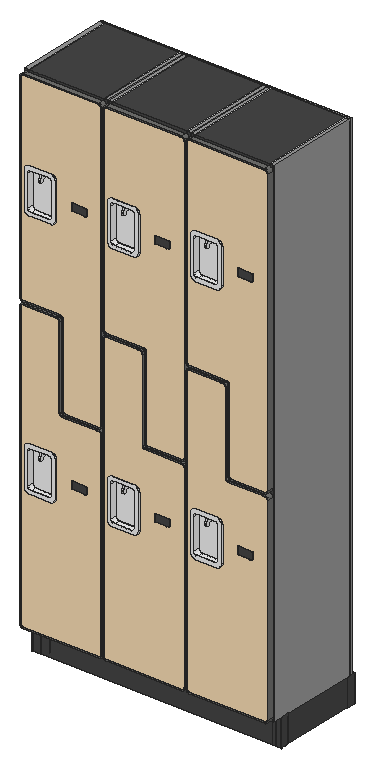
Revit family "Wood_Lockers-Salsbury_Industries-37000_Series-3_Wide_Units", category Specialty Equipment, Revit 2026 (continued)
Definition of nested family "Wood Locker S-Style Bottom Doors"
  Lines and regions (in)
    symbolic lines
      curve 3: line (0, -0.375, 0) -> (0, 0.375, 0)
      curve 4: line (0, -0.375, 42.062) -> (0, -0.375, 0)
      curve 5: line (0, 0.625, 41.287) -> (0, 0.375, 41.287)
      curve 6: line (0, 0.625, 41.787) -> (0, 0.375, 41.787)
      curve 7: line (0, 0.625, 41.787) -> (0, 0.625, 41.287)
      curve 8: line (0, -0.375, 24.281) -> (0, -0.5, 24.281)
      curve 9: line (0, -0.5, 24.281) -> (0, -0.5, 17.781)
      curve 10: line (0, -0.5, 17.781) -> (0, -0.375, 17.781)
      curve 11: line (0, 0.625, 3.25) -> (0, 0.375, 3.25)
      curve 12: line (0, 0.625, 2.75) -> (0, 0.375, 2.75)
      curve 13: line (0, 0.625, 2.75) -> (0, 0.625, 3.25)
      curve 14: line (0, 0.625, 26.75) -> (0, 0.375, 26.75)
      curve 15: line (0, 0.625, 26.25) -> (0, 0.375, 26.25)
      curve 16: line (0, 0.625, 26.25) -> (0, 0.625, 26.75)
      curve 17: arc (-5.9375, 0.375, 41.537) -> (-5.7837311, 0.375, 41.9082311) -> (-5.4125, 0.375, 42.062) r 0.525
      curve 18: arc (-0.1255, 0.375, 41.537) -> (-0.2792689, 0.375, 41.9082311) -> (-0.6505, 0.375, 42.062) r 0.525
      curve 19: arc (-0.1255, 0.375, 29.775) -> (-0.0449544, 0.375, 29.5805456) -> (0.1495, 0.375, 29.5) r 0.275
      curve 20: arc (5.9375, 0.375, 28.975) -> (5.7837311, 0.375, 29.3462311) -> (5.4125, 0.375, 29.5) r 0.525
      curve 21: arc (5.4125, 0.375, 0) -> (5.7837311, 0.375, 0.1537689) -> (5.9375, 0.375, 0.525) r 0.525
      curve 22: arc (-5.4125, 0.375, 0) -> (-5.7837311, 0.375, 0.1537689) -> (-5.9375, 0.375, 0.525) r 0.525
      curve 23: line (-5.4125, 0.375, 0) -> (5.4125, 0.375, 0)
      curve 24: line (5.9375, 0.375, 0.525) -> (5.9375, 0.375, 28.975)
      curve 25: line (5.4125, 0.375, 29.5) -> (0.1495, 0.375, 29.5)
      curve 26: line (-0.1255, 0.375, 29.775) -> (-0.1255, 0.375, 41.537)
      curve 27: line (-0.6505, 0.375, 42.062) -> (-5.4125, 0.375, 42.062)
      curve 28: line (-5.9375, 0.375, 41.537) -> (-5.9375, 0.375, 0.525)
      curve 29: arc (-5.1875, 0.375, 23.531) -> (-4.9678301, 0.375, 24.0613301) -> (-4.4375, 0.375, 24.281) r 0.75
      curve 30: arc (-1.4375, 0.375, 24.281) -> (-0.9071699, 0.375, 24.0613301) -> (-0.6875, 0.375, 23.531) r 0.75
      curve 31: arc (-0.6875, 0.375, 18.531) -> (-0.9071699, 0.375, 18.0006699) -> (-1.4375, 0.375, 17.781) r 0.75
      curve 32: arc (-4.4375, 0.375, 17.781) -> (-4.9678301, 0.375, 18.0006699) -> (-5.1875, 0.375, 18.531) r 0.75
      curve 33: line (-5.1875, 0.375, 18.531) -> (-5.1875, 0.375, 23.531)
      curve 34: line (-4.4375, 0.375, 24.281) -> (-1.4375, 0.375, 24.281)
      curve 35: line (-0.6875, 0.375, 23.531) -> (-0.6875, 0.375, 18.531)
      curve 36: line (-1.4375, 0.375, 17.781) -> (-4.4375, 0.375, 17.781)
      curve 37: arc (-4.1875, 0.375, 18.281) -> (-4.5410534, 0.375, 18.4274466) -> (-4.6875, 0.375, 18.781) r 0.5
      curve 38: arc (-1.6875, 0.375, 18.281) -> (-1.3339466, 0.375, 18.4274466) -> (-1.1875, 0.375, 18.781) r 0.5
      curve 39: arc (-1.1875, 0.375, 23.281) -> (-1.3339466, 0.375, 23.6345534) -> (-1.6875, 0.375, 23.781) r 0.5
      curve 40: arc (-4.6875, 0.375, 23.281) -> (-4.5410534, 0.375, 23.6345534) -> (-4.1875, 0.375, 23.781) r 0.5
      curve 41: line (-4.1875, 0.375, 23.781) -> (-1.6875, 0.375, 23.781)
      curve 42: line (-1.1875, 0.375, 23.281) -> (-1.1875, 0.375, 18.781)
      curve 43: line (-1.6875, 0.375, 18.281) -> (-4.1875, 0.375, 18.281)
      curve 44: line (-4.6875, 0.375, 18.781) -> (-4.6875, 0.375, 23.281)
      curve 45: line (-3.0935, 0.375, 22.656) -> (-3.0935, 0.375, 23.781)
      curve 46: line (-2.7815, 0.375, 22.656) -> (-2.7815, 0.375, 23.781)
      curve 47: line (-2.7815, 0.375, 22.656) -> (-3.0935, 0.375, 22.656)
      curve 48: arc (1.5, 0.375, 21.4133424) -> (1.5436872, 0.375, 21.5188128) -> (1.6491576, 0.375, 21.5625) r 0.1491576
      curve 49: arc (1.6491576, 0.375, 20.4995) -> (1.5436872, 0.375, 20.5431872) -> (1.5, 0.375, 20.6486576) r 0.1491576
      curve 50: arc (3.6008424, 0.375, 21.5625) -> (3.7063128, 0.375, 21.5188128) -> (3.75, 0.375, 21.4133424) r 0.1491576
      curve 51: arc (3.75, 0.375, 20.6486576) -> (3.7063128, 0.375, 20.5431872) -> (3.6008424, 0.375, 20.4995) r 0.1491576
      curve 52: line (3.75, 0.375, 21.4133424) -> (3.75, 0.375, 20.6486576)
      curve 53: line (3.6008424, 0.375, 20.4995) -> (1.6491576, 0.375, 20.4995)
      curve 54: line (1.5, 0.375, 20.6486576) -> (1.5, 0.375, 21.4133424)
      curve 55: line (1.6491576, 0.375, 21.5625) -> (3.6008424, 0.375, 21.5625)
  Dimensions and locks (in)
    equal spacing: plane 4 "Left Side of Door", plane 3 "Center (Left/Right)", plane 5 "Right Side of Door"
    "Width": plane 4 "Left Side of Door" to plane 5 "Right Side of Door"
    equal spacing: plane 7 "Front of Door", plane 1 "Center (Front/Back)", plane 6 "Back of Door"
    "Depth": plane 7 "Front of Door" to plane 6 "Back of Door"
    equal spacing: plane 9 "Top of Door", plane 10 "Center of Door", plane 8 "Bottom of Door"
    "Height": plane 9 "Top of Door" to plane 8 "Bottom of Door"
    equal spacing: plane 11 "Top of Number Tag", plane 16 "Center of Number Tag", plane 12 "Bottom of Number Tag"
    "Number Tag Height": plane 11 "Top of Number Tag" to plane 12 "Bottom of Number Tag"
    equal spacing: plane 14 "Right Side of Number Tag", plane 15 "Horizontal Center of Number Tag", plane 13 "Left Side of Number Tag"
    "Number Tag Width": plane 14 "Right Side of Number Tag" to plane 13 "Left Side of Number Tag"
    "Number Tag-Horizontal Offset": plane 15 "Horizontal Center of Number Tag" to plane 5 "Right Side of Door"
    "Number Tag-Vertical Offset": plane 9 "Top of Door" to plane 16 "Center of Number Tag"
    locked: plane 4 "Left Side of Door" to plane 17 "Left Side of Hasp" at 0.75
    equal spacing: plane 20 "Top of Hasp", plane 19 "Hasp Vertical Center", plane 21 "Bottom of Hasp", locked at 3.25 each
    plane 20 "Top of Hasp" to plane 21 "Bottom of Hasp" = 6.500"
    "Hasp Vertical Offset": plane 10 "Center of Door" to plane 19 "Hasp Vertical Center"
    plane 22 "Front of Hasp" to plane 7 "Front of Door" = 0.125"
    locked: plane 24 "Right Side of Door-Left Side of Trim" to plane 5 "Right Side of Door" at 0.125
    locked: plane 4 "Left Side of Door" to plane 23 "Left Side of Door-Right Side of Trim" at 0.125
    locked: plane 9 "Top of Door" to plane 25 "Top of Door-Bottom of Trim" at 0.125
    locked: plane 26 "Bottom of Door-Top of Trim" to plane 8 "Bottom of Door" at 0.125
    plane 28 "Melamine-Particleboard Line" to plane 6 "Back of Door" = 0.031"
    plane 7 "Front of Door" to plane 27 "Laminate-Particleboard Line" = 0.031"
    plane 27 "Laminate-Particleboard Line" to plane 29 "Back of Number Plate Inset" = 0.031"
    equal spacing: plane 18 "Right Side of Hasp", plane 30 "Center of Hasp", plane 17 "Left Side of Hasp"
    locked: plane 18 "Right Side of Hasp" to plane 17 "Left Side of Hasp" at 4.5
    plane 20 "Top of Hasp" to plane 33 "Hasp Inset-Top" = 0.500"
    plane 34 "Hasp Inset-Bottom" to plane 21 "Bottom of Hasp" = 0.500"
    plane 31 "Hasp Inset-Left" to plane 17 "Left Side of Hasp" = 0.500"
    plane 20 "Top of Hasp" to plane 36 to plane 35 to plane 33 "Hasp Inset-Top" = 0.156", 0.188", 0.156"
    plane 37 "Hasp Letters - Left Side" to plane 30 "Center of Hasp" to plane 38 "Hasp Letters - Right Side" = 0.906", 0.906"
    plane 32 "Hasp Inset-Right" to plane 18 "Right Side of Hasp" = 0.500"
    plane 40 "Hasp Handle - Right Side" to plane 30 "Center of Hasp" to plane 39 "Hasp Handle - Left Side" = 0.156", 0.156"
    plane 33 "Hasp Inset-Top" to plane 42 "Hasp Handle - Lip" to plane 43 "Hasp Handle - Lock Area Bottom" to plane 41 "Hasp Handle - Bottom" = 0.688", 0.062", 0.375"
    plane 48 "Top of Hasp Hole" to plane 33 "Hasp Inset-Top" to plane 44 "Hasp Handle - Center of Lock Hole" = 0.063", 0.375"
    plane 22 "Front of Hasp" to plane 45 = 0.312"
    plane 6 "Back of Door" to plane 46 "Door Stopper Plane" = 0.250"
    plane 32 "Hasp Inset-Right" to plane 50 "Right Side of Hasp Hole" = 0.0625"
    plane 34 "Hasp Inset-Bottom" to plane 47 "Bottom of Hasp Hole" = 0.063"
    plane 49 "Left Side of Hasp Hole" to plane 31 "Hasp Inset-Left" = 0.063"
    locked: plane 23 "Left Side of Door-Right Side of Trim" to plane 51 at 0.4
    locked: plane 25 "Top of Door-Bottom of Trim" to plane 52 at 0.4
    plane 54 to plane 5 "Right Side of Door" = 0.625"
    "Long Panel Edge": plane 4 "Left Side of Door" to plane 56 "Long Panel Edge"
    "Short Panel Edge": plane 57 to plane 8 "Bottom of Door"
    plane 57 to plane 59 = 0.125"
    plane 58 to plane 56 "Long Panel Edge" = 0.125"
    plane 57 to plane 53 "Top Hinge" = 3.000"
    aligned and locked: level to plane 2
    aligned and locked: Extrusion 5 to plane 11 "Top of Number Tag"
    aligned and locked: plane 12 "Bottom of Number Tag" to Extrusion 5
    aligned and locked: plane 14 "Right Side of Number Tag" to Extrusion 5
    aligned and locked: Extrusion 5 to plane 13 "Left Side of Number Tag"
    aligned and locked: Extrusion 5 to plane 29 "Back of Number Plate Inset"
    aligned and locked: plane 7 "Front of Door" to Extrusion 5
    aligned and locked: Extrusion 6 to plane 29 "Back of Number Plate Inset"
    aligned and locked: plane 7 "Front of Door" to Extrusion 6
    aligned and locked: plane 14 "Right Side of Number Tag" to Extrusion 6
    aligned and locked: Extrusion 6 to plane 13 "Left Side of Number Tag"
    aligned and locked: Extrusion 6 to plane 11 "Top of Number Tag"
    aligned and locked: plane 12 "Bottom of Number Tag" to Extrusion 6
    aligned and locked: cut or joined group of Extrusion 3, Extrusion 5, Extrusion 7 to plane 48 "Top of Hasp Hole"
    aligned and locked: plane 47 "Bottom of Hasp Hole" to cut or joined group of Extrusion 3, Extrusion 5, Extrusion 7
    aligned and locked: plane 49 "Left Side of Hasp Hole" to cut or joined group of Extrusion 3, Extrusion 5, Extrusion 7
    aligned and locked: cut or joined group of Extrusion 3, Extrusion 5, Extrusion 7 to plane 50 "Right Side of Hasp Hole"
    aligned and locked: Extrusion 10 to plane 33 "Hasp Inset-Top"
    aligned and locked: plane 41 "Hasp Handle - Bottom" to Extrusion 10
    aligned and locked: curve 1 to cut or joined group of Sweep 4, Extrusion 11
    aligned and locked: curve 2 to cut or joined group of Sweep 4, Extrusion 11
    aligned and locked: curve 3 to cut or joined group of Sweep 4, Extrusion 11
    aligned and locked: curve 4 to cut or joined group of Sweep 4, Extrusion 11
    aligned and locked: curve 5 to Extrusion 12
    aligned and locked: curve 7 to Extrusion 12
    aligned and locked: curve 8 to plane 20 "Top of Hasp"
    aligned and locked: curve 9 to cut or joined group of Extrusion 8, Extrusion 9, Extrusion 11
    aligned and locked: curve 10 to cut or joined group of Extrusion 8, Extrusion 9, Extrusion 11
    aligned and locked: Extrusion 14 to curve 11
    aligned and locked: curve 11 to Extrusion 14
    aligned and locked: curve 12 to Extrusion 14
    aligned and locked: curve 13 to Extrusion 14
    aligned and locked: Extrusion 13 to curve 14
    aligned and locked: curve 14 to Extrusion 13
    aligned and locked: curve 15 to Extrusion 13  (x2)
    aligned and locked: cut or joined group of Sweep 4, Extrusion 11 to curve 17
    aligned and locked: curve 17 to cut or joined group of Sweep 4, Extrusion 11
    aligned and locked: curve 18 to cut or joined group of Sweep 4, Extrusion 11
    aligned and locked: cut or joined group of Sweep 4, Extrusion 11 to curve 18
    aligned and locked: cut or joined group of Sweep 4, Extrusion 11 to curve 19
    aligned and locked: curve 19 to cut or joined group of Sweep 4, Extrusion 11
    aligned and locked: curve 20 to cut or joined group of Sweep 4, Extrusion 11
    aligned and locked: curve 21 to cut or joined group of Sweep 4, Extrusion 11
    aligned and locked: curve 22 to cut or joined group of Sweep 4, Extrusion 11
    aligned and locked: curve 23 to cut or joined group of Sweep 4, Extrusion 11
    aligned and locked: curve 24 to cut or joined group of Sweep 4, Extrusion 11
    aligned and locked: curve 25 to cut or joined group of Sweep 4, Extrusion 11
    aligned and locked: curve 29 to cut or joined group of Extrusion 8, Extrusion 9, Extrusion 11
    aligned and locked: curve 30 to cut or joined group of Extrusion 8, Extrusion 9, Extrusion 11
    aligned and locked: cut or joined group of Extrusion 8, Extrusion 9, Extrusion 11 to curve 30
    aligned and locked: curve 31 to cut or joined group of Extrusion 8, Extrusion 9, Extrusion 11
    aligned and locked: cut or joined group of Extrusion 8, Extrusion 9, Extrusion 11 to curve 31
    aligned and locked: curve 32 to cut or joined group of Extrusion 8, Extrusion 9, Extrusion 11
    aligned and locked: cut or joined group of Extrusion 8, Extrusion 9, Extrusion 11 to curve 32
    aligned and locked: curve 34 to cut or joined group of Extrusion 8, Extrusion 9, Extrusion 11
    aligned and locked: cut or joined group of Extrusion 8, Extrusion 9, Extrusion 11 to curve 37
    aligned and locked: cut or joined group of Extrusion 8, Extrusion 9, Extrusion 11 to curve 38
    aligned and locked: curve 39 to cut or joined group of Extrusion 8, Extrusion 9, Extrusion 11
    aligned and locked: cut or joined group of Extrusion 8, Extrusion 9, Extrusion 11 to curve 39
    aligned and locked: cut or joined group of Extrusion 8, Extrusion 9, Extrusion 11 to curve 40
    aligned and locked: curve 41 to cut or joined group of Extrusion 8, Extrusion 9, Extrusion 11
    aligned and locked: curve 43 to cut or joined group of Extrusion 8, Extrusion 9, Extrusion 11
    aligned and locked: curve 44 to cut or joined group of Extrusion 8, Extrusion 9, Extrusion 11
    aligned and locked: cut or joined group of Extrusion 10, Extrusion 11 to curve 45
    aligned and locked: curve 45 to cut or joined group of Extrusion 10, Extrusion 11
    aligned and locked: curve 46 to cut or joined group of Extrusion 10, Extrusion 11
    aligned and locked: curve 47 to cut or joined group of Extrusion 10, Extrusion 11
    aligned and locked: cut or joined group of Extrusion 1, Extrusion 5, Extrusion 7, Extrusion 11 to curve 48
    aligned and locked: cut or joined group of Extrusion 1, Extrusion 5, Extrusion 7, Extrusion 11 to curve 49
    aligned and locked: cut or joined group of Extrusion 1, Extrusion 5, Extrusion 7, Extrusion 11 to curve 50
    aligned and locked: cut or joined group of Extrusion 1, Extrusion 5, Extrusion 7, Extrusion 11 to curve 51
    aligned and locked: curve 52 to cut or joined group of Extrusion 1, Extrusion 5, Extrusion 7, Extrusion 11
    aligned and locked: curve 53 to cut or joined group of Extrusion 1, Extrusion 5, Extrusion 7, Extrusion 11
    aligned and locked: curve 54 to cut or joined group of Extrusion 1, Extrusion 5, Extrusion 7, Extrusion 11
    aligned and locked: curve 55 to cut or joined group of Extrusion 1, Extrusion 5, Extrusion 7, Extrusion 11
  Automatic sketch dimensions
    Extrusion 5 sketch curve to plane 13 "Left Side of Number Tag" = 0.000"
    Extrusion 5 sketch curve to plane 12 "Bottom of Number Tag" = 0.000"
    Extrusion 5 sketch curve to plane 11 "Top of Number Tag" = 0.000"
    Extrusion 5 sketch curve to plane 14 "Right Side of Number Tag" = 0.000"
    Extrusion 5 sketch curve to Extrusion 5 sketch curve = 0.14916"  (x3)
    plane 11 "Top of Number Tag" to Extrusion 5 sketch curve = 0.14916"
    plane 13 "Left Side of Number Tag" to Extrusion 6 sketch curve = 0.000"
    plane 11 "Top of Number Tag" to Extrusion 6 sketch curve = 0.000"
    plane 13 "Left Side of Number Tag" to Extrusion 6 sketch curve = 0.14916"  (x2)
    Extrusion 6 sketch curve to plane 14 "Right Side of Number Tag" = 0.14916"
    Extrusion 6 sketch curve to plane 14 "Right Side of Number Tag" = 0.000"
    Extrusion 6 sketch curve to plane 12 "Bottom of Number Tag" = 0.14916"
    Extrusion 6 sketch curve to plane 12 "Bottom of Number Tag" = 0.000"
    plane 31 "Hasp Inset-Left" to Extrusion 7 sketch curve = 0.063"
    plane 34 "Hasp Inset-Bottom" to Extrusion 7 sketch curve = 0.063"
    Extrusion 7 sketch curve to plane 33 "Hasp Inset-Top" = 0.063"
    Extrusion 7 sketch curve to plane 32 "Hasp Inset-Right" = 0.0625"
    Extrusion 7 sketch curve to plane 31 "Hasp Inset-Left" = 0.437"
    plane 37 "Hasp Letters - Left Side" to Extrusion 7 sketch curve = 0.407"
    Extrusion 7 sketch curve to plane 38 "Hasp Letters - Right Side" = 0.4065"
    Extrusion 7 sketch curve to Extrusion 7 sketch curve = 0.500"
    Extrusion 8 sketch curve to plane 18 "Right Side of Hasp" = 0.000"
    Extrusion 8 sketch curve to plane 20 "Top of Hasp" = 0.000"
    Extrusion 8 sketch curve to plane 21 "Bottom of Hasp" = 0.000"
    Extrusion 8 sketch curve to plane 17 "Left Side of Hasp" = 0.000"
    plane 32 "Hasp Inset-Right" to Extrusion 8 sketch curve = 0.250"
    Extrusion 8 sketch curve to plane 44 "Hasp Handle - Center of Lock Hole" = 0.125"
    Extrusion 8 sketch curve to plane 31 "Hasp Inset-Left" = 0.250"  (x2)
    plane 31 "Hasp Inset-Left" to Extrusion 9 sketch curve = 0.000"
    Extrusion 9 sketch curve to plane 33 "Hasp Inset-Top" = 0.000"
    Extrusion 9 sketch curve to plane 34 "Hasp Inset-Bottom" = 0.000"
    plane 32 "Hasp Inset-Right" to Extrusion 9 sketch curve = 0.000"
    plane 37 "Hasp Letters - Left Side" to Extrusion 9 sketch curve = 0.344"  (x2)
    Extrusion 9 sketch curve to plane 38 "Hasp Letters - Right Side" = 0.344"
    plane 44 "Hasp Handle - Center of Lock Hole" to Extrusion 9 sketch curve = 0.125"
    Extrusion 10 sketch curve to plane 28 "Melamine-Particleboard Line" = 0.000"
    plane 33 "Hasp Inset-Top" to Extrusion 10 sketch curve = 0.000"
    Extrusion 10 sketch curve to plane 27 "Laminate-Particleboard Line" = 0.000"
    plane 43 "Hasp Handle - Lock Area Bottom" to Extrusion 10 sketch curve = 0.000"
    Extrusion 10 sketch curve to plane 22 "Front of Hasp" = 0.000"
    Extrusion 10 sketch curve to plane 45 = 0.000"
    plane 41 "Hasp Handle - Bottom" to Extrusion 10 sketch curve = 0.000"
    Extrusion 10 sketch curve to plane 42 "Hasp Handle - Lip" = 0.07049"
    Extrusion 10 sketch curve to plane 42 "Hasp Handle - Lip" = 0.06247"
    plane 43 "Hasp Handle - Lock Area Bottom" to Extrusion 10 sketch curve = 0.02394"
    plane 1 "Center (Front/Back)" to Extrusion 10 sketch curve = 0.063"
    Extrusion 10 sketch curve to plane 41 "Hasp Handle - Bottom" = 0.09888"  (x2)
    Extrusion 10 sketch curve to plane 29 "Back of Number Plate Inset" = 0.03992"
    Extrusion 10 sketch curve to Extrusion 10 sketch curve = 0.100"
    plane 7 "Front of Door" to Extrusion 10 sketch curve = 0.04375"
    Extrusion 11 sketch curve to plane 1 "Center (Front/Back)" = 0.000"
    plane 44 "Hasp Handle - Center of Lock Hole" to Extrusion 11 sketch curve = 0.000"
    Extrusion 12 sketch curve to plane 51 = 0.000"
    Extrusion 12 sketch curve to plane 52 = 0.000"
    plane 53 "Top Hinge" to Extrusion 13 sketch curve = 0.250"
    plane 54 to Extrusion 13 sketch curve = 0.000"
    Extrusion 13 sketch curve to plane 53 "Top Hinge" = 0.250"
    plane 54 to Extrusion 13 sketch curve = 0.500"
    plane 55 "Bottom Hinge" to Extrusion 14 sketch curve = 0.250"
    plane 54 to Extrusion 14 sketch curve = 0.000"
    plane 54 to Extrusion 14 sketch curve = 0.500"
    Extrusion 14 sketch curve to plane 55 "Bottom Hinge" = 0.250"
    plane 10 "Center of Door" to Extrusion 15 sketch curve = 0.250"
    plane 54 to Extrusion 15 sketch curve = 0.000"
    plane 54 to Extrusion 15 sketch curve = 0.500"
    Extrusion 15 sketch curve to plane 10 "Center of Door" = 0.250"
    plane 23 "Left Side of Door-Right Side of Trim" to Extrusion 3 sketch curve = 0.000"
    Extrusion 3 sketch curve to plane 26 "Bottom of Door-Top of Trim" = 0.000"
    plane 51 to Extrusion 3 sketch curve = 0.000"  (x2)
    Extrusion 3 sketch curve to plane 25 "Top of Door-Bottom of Trim" = 0.000"
    Extrusion 3 sketch curve to plane 52 = 0.000"
    plane 58 to Extrusion 3 sketch curve = 0.000"
    Extrusion 3 sketch curve to plane 59 = 0.000"
    plane 24 "Right Side of Door-Left Side of Trim" to Extrusion 3 sketch curve = 0.000"
    Extrusion 3 sketch curve to plane 56 "Long Panel Edge" = 0.275"
    Extrusion 3 sketch curve to plane 54 = 0.100"  (x2)
    Sweep 4 sketch curve to profile plane = 0.000"
    profile plane to Sweep 4 sketch curve = 0.125"
    Sweep 4 sketch curve to plane 1 "Center (Front/Back)" = 0.375"
    plane 1 "Center (Front/Back)" to Sweep 4 sketch curve = 0.375"
    plane 23 "Left Side of Door-Right Side of Trim" to Extrusion 1 sketch curve = 0.000"
    Extrusion 1 sketch curve to plane 25 "Top of Door-Bottom of Trim" = 0.000"
    plane 51 to Extrusion 1 sketch curve = 0.000"  (x2)
    Extrusion 1 sketch curve to plane 26 "Bottom of Door-Top of Trim" = 0.000"
    Extrusion 1 sketch curve to plane 52 = 0.000"
    plane 58 to Extrusion 1 sketch curve = 0.000"
    Extrusion 1 sketch curve to plane 59 = 0.000"
    plane 24 "Right Side of Door-Left Side of Trim" to Extrusion 1 sketch curve = 0.000"
    Extrusion 1 sketch curve to plane 56 "Long Panel Edge" = 0.275"
    Extrusion 1 sketch curve to plane 54 = 0.100"  (x2)
    plane 23 "Left Side of Door-Right Side of Trim" to Extrusion 2 sketch curve = 0.000"
    Extrusion 2 sketch curve to plane 25 "Top of Door-Bottom of Trim" = 0.000"
    plane 51 to Extrusion 2 sketch curve = 0.000"  (x2)
    Extrusion 2 sketch curve to plane 26 "Bottom of Door-Top of Trim" = 0.000"
    Extrusion 2 sketch curve to plane 52 = 0.000"
    plane 58 to Extrusion 2 sketch curve = 0.000"
    Extrusion 2 sketch curve to plane 59 = 0.000"
    plane 24 "Right Side of Door-Left Side of Trim" to Extrusion 2 sketch curve = 0.000"
    Extrusion 2 sketch curve to plane 56 "Long Panel Edge" = 0.275"
    Extrusion 2 sketch curve to plane 54 = 0.100"  (x2)
    plane 23 "Left Side of Door-Right Side of Trim" to Sweep 4 sketch curve = 0.000"
    Sweep 4 sketch curve to plane 26 "Bottom of Door-Top of Trim" = 0.000"
    plane 51 to Sweep 4 sketch curve = 0.000"  (x2)
    Sweep 4 sketch curve to plane 25 "Top of Door-Bottom of Trim" = 0.000"
    Sweep 4 sketch curve to plane 52 = 0.000"
    plane 58 to Sweep 4 sketch curve = 0.000"
    Sweep 4 sketch curve to plane 59 = 0.000"
    plane 24 "Right Side of Door-Left Side of Trim" to Sweep 4 sketch curve = 0.000"
    Sweep 4 sketch curve to plane 56 "Long Panel Edge" = 0.275"
    Sweep 4 sketch curve to plane 54 = 0.100"  (x2)
    curve 7 to plane 52 = 0.250"
    plane 25 "Top of Door-Bottom of Trim" to curve 7 = 0.150"
    plane 51 to curve 22 = 0.000"
    plane 51 to curve 17 = 0.000"
    curve 18 to plane 52 = 0.000"
    curve 32 to plane 31 "Hasp Inset-Left" = 0.250"
    curve 34 to plane 31 "Hasp Inset-Left" = 0.250"
    plane 37 "Hasp Letters - Left Side" to curve 37 = 0.344"
    plane 44 "Hasp Handle - Center of Lock Hole" to curve 40 = 0.125"
    curve 38 to plane 38 "Hasp Letters - Right Side" = 0.344"
    curve 41 to plane 38 "Hasp Letters - Right Side" = 0.344"
    curve 30 to plane 44 "Hasp Handle - Center of Lock Hole" = 0.125"
    plane 32 "Hasp Inset-Right" to curve 31 = 0.250"
    plane 3 "Center (Left/Right)" to curve 19 = 0.1495"
    curve 49 to plane 12 "Bottom of Number Tag" = 0.14916"
    curve 54 to curve 48 = 0.14916"
    curve 53 to plane 14 "Right Side of Number Tag" = 0.14916"
    curve 50 to curve 50 = 0.14916"
    curve 23 to plane 54 = 0.100"
    curve 20 to plane 54 = 0.100"
    radius of Extrusion 11 sketch curve = 0.175"
    radius of Extrusion 12 sketch curve = 0.250"
Definition of nested family "Wood Locker Bases"
  Parameters (values of type "Base - 36" W x 15" D Lockers")
    Width = 36.000"
    Visible Base = yes
    Visible = yes
    Model = "Base - 36\" W x 15\" D Lockers"
    Manufacturer = "Salsbury Industries"
    Height = 4.000"
    Depth = 13.250"
    Default Elevation = 0.000"
    Base Secondary Material = none
    Base Primary Materials = none
    Base Hardware = none
  Types (14): name | Width | Visible Base | Visible | Model | Depth
    (no name) | 36.000" | yes | yes | "Base - 36\" W x 15\" D Lockers" | 13.250"
    Base - 12" W x 15" D Lockers | 12.000" | yes | no | "Base - 12\" W x 15\" D Lockers" | 13.250"
    Base - 12" W x 18" D Lockers | 12.000" | yes | no | "Base - 12\" W x 18\" D Lockers" | 16.250"
    Base - 12" W x 21" D Lockers | 12.000" | yes | no | "Base - 12\" W x 21\" D Lockers" | 19.250"
    Base - 36" W x 15" D Lockers | 36.000" | yes | yes | "Base - 36\" W x 15\" D Lockers" | 13.250"
    Base - 36" W x 18" D Lockers | 36.000" | yes | yes | "Base - 36\" W x 18\" D Lockers" | 16.250"
    Base - 36" W x 21" D Lockers | 36.000" | yes | yes | "Base - 36\" W x 21\" D Lockers" | 19.250"
    Base - 15" W x 18" D Lockers | 15.000" | yes | no | "Base - 15\" W x 18\" D Lockers" | 16.250"
    Base - 15" W x 21" D Lockers | 15.000" | yes | no | "Base - 15\" W x 21\" D Lockers" | 19.250"
    Base - 15" W x 24" D Lockers | 15.000" | yes | no | "Base - 15\" W x 24\" D Lockers" | 22.250"
    Base - 45" W x 18" D Lockers | 45.000" | yes | yes | "Base - 45\" W x 18\" D Lockers" | 16.250"
    Base - 45" W x 21" D Lockers | 45.000" | yes | yes | "Base - 45\" W x 21\" D Lockers" | 19.250"
    Base - 45" W x 24" D Lockers | 45.000" | yes | yes | "Base - 45\" W x 24\" D Lockers" | 22.250"
    None | 12.000" | no | no | "Base - 12\" W x 15\" D Lockers" | 13.250"
  Reference planes (in)
    plane 1 "Center (Front/Back)": y = 0
    plane 2: z = 0
    plane 3 "Center (Left/Right)": x = 0
    plane 4 "Left Edge": x = -18
    plane 5 "Right Edge": x = 18
    plane 6 "Back Edge": y = 6.625
    plane 7 "Front Edge": y = -6.625
    plane 8 "Bottom Edge": z = 0
    plane 9 "Top Edge": z = 4
    plane 10: x = -16.75
    plane 11: x = -16.102
    plane 12: y = 6.562
    plane 13: y = 5.8
    plane 14: x = -17.131
    plane 15: x = -17.256
    plane 16: x = -17.937
    plane 17: x = -17.175
    plane 18: y = 4.727
    plane 19: y = 5.375
    plane 20: y = 5.756
    plane 21: y = 5.881
    plane 22: x = -17.931
    plane 23: x = 17.931
    plane 24: y = 6.556
    plane 25: y = -6.556
    plane 26: y = 6.525
    plane 27: y = -6.525
    plane 28: x = -17.9
    plane 29: x = 17.9
    plane 30: x = -2.375
    plane 31: x = 2.375
  Forms (in)
    Extrusion 1, solid, material <- "Base Hardware", visible <- "Visible Base"
      sketch origin (0, 0, 0) x (1, 0, 0) y (0, 1, 0)
        loop
          arc (-17.967125, 6.625) -> (-17.9909808, 6.6159808) -> (-18, 6.592125) r 0.031
          line (-18, 6.592125) -> (-18, 5.4065)
          arc (-18, 5.4065) -> (-17.9685, 5.375) -> (-17.937, 5.4065) r 0.0315
          line (-17.937, 5.4065) -> (-17.937, 5.756) -> (-17.837, 5.756) -> (-17.837, 5.819) -> (-17.937, 5.819) -> (-17.937, 6.5146499) -> (-17.256, 5.8336499) -> (-17.256, 5.756) -> (-17.175, 5.756) -> (-17.175, 4.7583269)
          arc (-17.175, 4.7583269) -> (-17.1436731, 4.727) -> (-17.1123463, 4.7583269) r 0.0313269
          line (-17.1123463, 4.7583269) -> (-17.1123463, 5.737032) -> (-16.133484, 5.737032)
          arc (-16.133484, 5.737032) -> (-16.102, 5.768516) -> (-16.133484, 5.8) r 0.031484
          line (-16.133484, 5.8) -> (-17.131, 5.8) -> (-17.131, 5.881) -> (-17.2142208, 5.881) -> (-17.8952208, 6.562) -> (-17.194, 6.562) -> (-17.194, 6.462) -> (-17.131, 6.462) -> (-17.131, 6.562) -> (-16.7814004, 6.562)
          arc (-16.7814004, 6.562) -> (-16.7499004, 6.5935) -> (-16.7814004, 6.625) r 0.0315
          line (-16.7814004, 6.625) -> (-17.967125, 6.625)
      from 0 to 4
    Extrusion 2, solid, material <- "Base Hardware", visible <- "Visible Base"
      sketch origin (0, 0, 0) x (-1, 0, 0) y (0, -1, 0)
        loop
          line (-17.967125, -6.625) -> (-16.7814004, -6.625)
          arc (-16.7814004, -6.625) -> (-16.7499004, -6.5935) -> (-16.7814004, -6.562) r 0.0315
          line (-16.7814004, -6.562) -> (-17.131, -6.562) -> (-17.131, -6.462) -> (-17.194, -6.462) -> (-17.194, -6.562) -> (-17.8952208, -6.562) -> (-17.2142208, -5.881) -> (-17.131, -5.881) -> (-17.131, -5.8) -> (-16.133484, -5.8)
          arc (-16.133484, -5.8) -> (-16.102, -5.768516) -> (-16.133484, -5.737032) r 0.031484
          line (-16.133484, -5.737032) -> (-17.1123463, -5.737032) -> (-17.1123463, -4.7583269)
          arc (-17.1123463, -4.7583269) -> (-17.1436731, -4.727) -> (-17.175, -4.7583269) r 0.0313269
          line (-17.175, -4.7583269) -> (-17.175, -5.756) -> (-17.256, -5.756) -> (-17.256, -5.8336499) -> (-17.937, -6.5146499) -> (-17.937, -5.819) -> (-17.837, -5.819) -> (-17.837, -5.756) -> (-17.937, -5.756) -> (-17.937, -5.4065)
          arc (-17.937, -5.4065) -> (-17.9685, -5.375) -> (-18, -5.4065) r 0.0315
          line (-18, -5.4065) -> (-18, -6.592125)
          arc (-18, -6.592125) -> (-17.9909808, -6.6159808) -> (-17.967125, -6.625) r 0.031
      from 0 to 4
    Extrusion 3, solid, material <- "Base Hardware", visible <- "Visible Base"
      sketch origin (0, 0, 0) x (1, 0, 0) y (0, 1, 0)
        loop
          line (-17.967125, -6.625) -> (-16.7814004, -6.625)
          arc (-16.7814004, -6.625) -> (-16.7499004, -6.5935) -> (-16.7814004, -6.562) r 0.0315
          line (-16.7814004, -6.562) -> (-17.131, -6.562) -> (-17.131, -6.462) -> (-17.194, -6.462) -> (-17.194, -6.562) -> (-17.8952208, -6.562) -> (-17.2142208, -5.881) -> (-17.131, -5.881) -> (-17.131, -5.8) -> (-16.133484, -5.8)
          arc (-16.133484, -5.8) -> (-16.102, -5.768516) -> (-16.133484, -5.737032) r 0.031484
          line (-16.133484, -5.737032) -> (-17.1123463, -5.737032) -> (-17.1123463, -4.7583269)
          arc (-17.1123463, -4.7583269) -> (-17.1436731, -4.727) -> (-17.175, -4.7583269) r 0.0313269
          line (-17.175, -4.7583269) -> (-17.175, -5.756) -> (-17.256, -5.756) -> (-17.256, -5.8336499) -> (-17.937, -6.5146499) -> (-17.937, -5.819) -> (-17.837, -5.819) -> (-17.837, -5.756) -> (-17.937, -5.756) -> (-17.937, -5.4065)
          arc (-17.937, -5.4065) -> (-17.9685, -5.375) -> (-18, -5.4065) r 0.0315
          line (-18, -5.4065) -> (-18, -6.592125)
          arc (-18, -6.592125) -> (-17.9909808, -6.6159808) -> (-17.967125, -6.625) r 0.031
      from 0 to 4
    Extrusion 4, solid, material <- "Base Hardware", visible <- "Visible Base"
      sketch origin (0, 0, 0) x (-1, 0, 0) y (0, -1, 0)
        loop
          arc (-17.967125, 6.625) -> (-17.9909808, 6.6159808) -> (-18, 6.592125) r 0.031
          line (-18, 6.592125) -> (-18, 5.4065)
          arc (-18, 5.4065) -> (-17.9685, 5.375) -> (-17.937, 5.4065) r 0.0315
          line (-17.937, 5.4065) -> (-17.937, 5.756) -> (-17.837, 5.756) -> (-17.837, 5.819) -> (-17.937, 5.819) -> (-17.937, 6.5146499) -> (-17.256, 5.8336499) -> (-17.256, 5.756) -> (-17.175, 5.756) -> (-17.175, 4.7583269)
          arc (-17.175, 4.7583269) -> (-17.1436731, 4.727) -> (-17.1123463, 4.7583269) r 0.0313269
          line (-17.1123463, 4.7583269) -> (-17.1123463, 5.737032) -> (-16.133484, 5.737032)
          arc (-16.133484, 5.737032) -> (-16.102, 5.768516) -> (-16.133484, 5.8) r 0.031484
          line (-16.133484, 5.8) -> (-17.131, 5.8) -> (-17.131, 5.881) -> (-17.2142208, 5.881) -> (-17.8952208, 6.562) -> (-17.194, 6.562) -> (-17.194, 6.462) -> (-17.131, 6.462) -> (-17.131, 6.562) -> (-16.7814004, 6.562)
          arc (-16.7814004, 6.562) -> (-16.7499004, 6.5935) -> (-16.7814004, 6.625) r 0.0315
          line (-16.7814004, 6.625) -> (-17.967125, 6.625)
      from 0 to 4
    Extrusion 5, solid, material <- "Base Secondary Material", visible <- "Visible Base"
      sketch origin (0, 0, 0) x (0, -1, 0) y (1, 0, 0)
        loop
          line (-5.756, 17.9) -> (-5.756, 17.181) -> (5.7569692, 17.181) -> (5.7569692, 17.9) -> (-5.756, 17.9)
      from 0 to 4
    Extrusion 6, solid, material <- "Base Secondary Material", visible <- "Visible Base"
      sketch origin (0, 0, 0) x (0, -1, 0) y (1, 0, 0)
        loop
          line (-5.756, -17.9) -> (5.7569692, -17.9) -> (5.7569692, -17.181) -> (-5.756, -17.181) -> (-5.756, -17.9)
      from 0 to 4
    Extrusion 7, solid, material <- "Base Secondary Material", visible <- "Visible Base"
      sketch origin (-2.0552074, 0.625, 0) x (1, 0, 0) y (0, 1, 0)
        loop
          line (-15.0757926, 5.9) -> (-15.0757926, 5.181) -> (19.1862074, 5.181) -> (19.1862074, 5.9) -> (-15.0757926, 5.9)
      from 0 to 4
    Extrusion 8, solid, material <- "Base Secondary Material", visible <- "Visible Base"
      sketch origin (-2.0552074, -0.625, 0) x (1, 0, 0) y (0, 1, 0)
        loop
          line (-15.0757926, -5.9) -> (19.1862074, -5.9) -> (19.1862074, -5.181) -> (-15.0757926, -5.181) -> (-15.0757926, -5.9)
      from 0 to 4
    Extrusion 9, solid, material <- "Base Primary Materials", visible <- "Visible Base"
      sketch origin (0.7645193, 0, 0) x (0, -1, 0) y (1, 0, 0)
        loop
          line (-5.756, 17.1664807) -> (-5.756, 17.1354807) -> (5.7569692, 17.1354807) -> (5.7569692, 17.1664807) -> (-5.756, 17.1664807)
      from 0 to 4
    Extrusion 10, solid, material <- "Base Primary Materials", visible <- "Visible Base"
      sketch origin (-0.719, 0, 0) x (0, -1, 0) y (1, 0, 0)
        loop
          line (-5.756, -17.212) -> (5.7569692, -17.212) -> (5.7569692, -17.181) -> (-5.756, -17.181) -> (-5.756, -17.212)
      from 0 to 4
    Extrusion 11, solid, material <- "Base Primary Materials", visible <- "Visible Base"
      sketch origin (-2.0552074, 1.344, 0) x (1, 0, 0) y (0, 1, 0)
        loop
          line (-15.0757926, 5.218) -> (-15.0757926, 5.181) -> (19.1862074, 5.181) -> (19.1862074, 5.218) -> (-15.0757926, 5.218)
      from 0 to 4
    Extrusion 12, solid, material <- "Base Primary Materials", visible <- "Visible Base"
      sketch origin (-2.0552074, -1.344, 0) x (1, 0, 0) y (0, 1, 0)
        loop
          line (-15.0757926, -5.212) -> (19.1862074, -5.212) -> (19.1862074, -5.181) -> (-15.0757926, -5.181) -> (-15.0757926, -5.212)
      from 0 to 4
    Extrusion 13, solid, material <- "Base Secondary Material", visible <- "Visible"
      sketch origin (0, 0, 4) x (0, -1, 0) y (1, 0, 0)
        loop
          line (-5.806, -2.375) -> (5.806, -2.375) -> (5.806, 2.375) -> (-5.806, 2.375) -> (-5.806, -2.375)
      from 0 to -0.75
    Extrusion 14, solid, material <- "Base Secondary Material", visible <- "Visible"
      sketch origin (0, 0, 0) x (0, -1, 0) y (1, 0, 0)
        loop
          line (-5.806, -2.375) -> (-5.056, -2.375) -> (-5.056, 2.375) -> (-5.806, 2.375) -> (-5.806, -2.375)
      from 0 to 3.25
    Extrusion 15, solid, material <- "Base Secondary Material", visible <- "Visible"
      sketch origin (0, 0, 0) x (0, 1, 0) y (-1, 0, 0)
        loop
          line (-5.806, 2.375) -> (-5.806, -2.375) -> (-5.056, -2.375) -> (-5.056, 2.375) -> (-5.806, 2.375)
      from 0 to 3.25
  Dimensions and locks (in)
    equal spacing: plane 4 "Left Edge", plane 3 "Center (Left/Right)", plane 5 "Right Edge"
    "Width": plane 4 "Left Edge" to plane 5 "Right Edge"
    equal spacing: plane 7 "Front Edge", plane 1 "Center (Front/Back)", plane 6 "Back Edge"
    "Depth": plane 7 "Front Edge" to plane 6 "Back Edge"
    "Height": plane 9 "Top Edge" to plane 8 "Bottom Edge"
    locked: plane 4 "Left Edge" to plane 10 at 1.25
    locked: plane 4 "Left Edge" to plane 11 at 1.898
    locked: plane 12 to plane 6 "Back Edge" at 0.063
    plane 14 to plane 10 = 0.381"
    locked: plane 12 to plane 13 at 0.762
    locked: plane 4 "Left Edge" to plane 16 at 0.063
    locked: plane 16 to plane 17 at 0.762
    locked: plane 19 to plane 6 "Back Edge" at 1.25
    locked: plane 18 to plane 6 "Back Edge" at 1.898
    plane 15 to plane 17 = 0.081"
    plane 21 to plane 13 = 0.081"
    plane 19 to plane 20 = 0.381"
    plane 24 to plane 6 "Back Edge" = 0.069"
    plane 7 "Front Edge" to plane 25 = 0.069"
    plane 23 to plane 5 "Right Edge" = 0.069"
    plane 4 "Left Edge" to plane 22 = 0.069"
    plane 26 to plane 24 = 0.031"
    plane 25 to plane 27 = 0.031"
    plane 22 to plane 28 = 0.031"
    plane 29 to plane 23 = 0.031"
    plane 30 to plane 3 "Center (Left/Right)" to plane 31 = 2.375" locked, 2.375" locked
    aligned and locked: level to plane 2
    aligned and locked: plane 30 to Extrusion 13
    aligned and locked: plane 30 to Extrusion 14
    aligned and locked: plane 30 to Extrusion 15
    aligned and locked: Extrusion 13 to plane 31
    aligned and locked: Extrusion 14 to plane 31
    aligned and locked: Extrusion 15 to plane 31
  Automatic sketch dimensions
    Extrusion 1 sketch curve to plane 4 "Left Edge" = 0.000"
    plane 6 "Back Edge" to Extrusion 1 sketch curve = 0.000"
    Extrusion 1 sketch curve to plane 16 = 0.000"  (x2)
    Extrusion 1 sketch curve to plane 12 = 0.000"  (x2)
    plane 20 to Extrusion 1 sketch curve = 0.000"  (x2)
    Extrusion 1 sketch curve to plane 15 = 0.000"
    plane 21 to Extrusion 1 sketch curve = 0.000"
    Extrusion 1 sketch curve to plane 17 = 0.000"
    Extrusion 1 sketch curve to plane 14 = 0.000"  (x2)
    Extrusion 1 sketch curve to plane 13 = 0.000"
    Extrusion 1 sketch curve to plane 4 "Left Edge" = 0.03094"
    plane 16 to Extrusion 1 sketch curve = 0.03012"
    Extrusion 1 sketch curve to plane 28 = 0.00478"
    Extrusion 1 sketch curve to plane 28 = 0.063"
    plane 17 to Extrusion 1 sketch curve = 0.03922"
    plane 17 to Extrusion 1 sketch curve = 0.019"
    plane 14 to Extrusion 1 sketch curve = 0.01267"
    plane 10 to Extrusion 1 sketch curve = 0.0314"
    plane 11 to Extrusion 1 sketch curve = 0.03148"
    plane 20 to Extrusion 1 sketch curve = 0.01897"
    Extrusion 1 sketch curve to plane 19 = 0.0315"
    Extrusion 1 sketch curve to plane 18 = 0.03133"
    plane 13 to Extrusion 1 sketch curve = 0.019"
    plane 13 to Extrusion 1 sketch curve = 0.03365"
    plane 26 to Extrusion 1 sketch curve = 0.063"
    plane 26 to Extrusion 1 sketch curve = 0.01035"
    plane 12 to Extrusion 1 sketch curve = 0.03012"
    Extrusion 2 sketch curve to plane 5 "Right Edge" = 0.000"
    plane 6 "Back Edge" to Extrusion 2 sketch curve = 0.000"
    plane 20 to Extrusion 2 sketch curve = 0.000"  (x2)
    plane 12 to Extrusion 2 sketch curve = 0.000"  (x2)
    plane 21 to Extrusion 2 sketch curve = 0.000"
    plane 13 to Extrusion 2 sketch curve = 0.000"
    Extrusion 2 sketch curve to plane 5 "Right Edge" = 0.03094"
    Extrusion 2 sketch curve to Extrusion 2 sketch curve = 0.0315"
    Extrusion 2 sketch curve to Extrusion 2 sketch curve = 0.00194"
    plane 23 to Extrusion 2 sketch curve = 0.006"
    Extrusion 2 sketch curve to plane 29 = 0.00478"
    Extrusion 2 sketch curve to plane 29 = 0.063"
    Extrusion 2 sketch curve to plane 13 = 0.03365"
    Extrusion 2 sketch curve to Extrusion 2 sketch curve = 0.581"
    Extrusion 2 sketch curve to Extrusion 2 sketch curve = 0.04178"
    Extrusion 2 sketch curve to plane 26 = 0.063"
    Extrusion 2 sketch curve to Extrusion 2 sketch curve = 0.02022"
    plane 18 to Extrusion 2 sketch curve = 0.03133"
    Extrusion 2 sketch curve to plane 29 = 0.725"
    Extrusion 2 sketch curve to Extrusion 2 sketch curve = 0.03133"
    Extrusion 2 sketch curve to Extrusion 2 sketch curve = 0.063"
    Extrusion 2 sketch curve to Extrusion 2 sketch curve = 0.08322"
    Extrusion 2 sketch curve to Extrusion 2 sketch curve = 0.3496"
    Extrusion 2 sketch curve to Extrusion 2 sketch curve = 0.97886"
    plane 19 to Extrusion 2 sketch curve = 0.0315"
    Extrusion 2 sketch curve to plane 20 = 0.01897"
    Extrusion 2 sketch curve to plane 13 = 0.019"
    Extrusion 2 sketch curve to plane 26 = 0.01035"
    Extrusion 2 sketch curve to plane 12 = 0.03012"
    Extrusion 3 sketch curve to plane 4 "Left Edge" = 0.000"
    plane 7 "Front Edge" to Extrusion 3 sketch curve = 0.000"
    Extrusion 3 sketch curve to plane 16 = 0.000"  (x2)
    Extrusion 3 sketch curve to plane 15 = 0.000"
    Extrusion 3 sketch curve to plane 17 = 0.000"
    Extrusion 3 sketch curve to plane 14 = 0.000"  (x2)
    plane 4 "Left Edge" to Extrusion 3 sketch curve = 0.03094"
    Extrusion 3 sketch curve to plane 16 = 0.03012"
    plane 28 to Extrusion 3 sketch curve = 0.00478"
    plane 28 to Extrusion 3 sketch curve = 0.063"
    Extrusion 3 sketch curve to plane 17 = 0.03922"
    Extrusion 3 sketch curve to plane 17 = 0.019"
    Extrusion 3 sketch curve to plane 14 = 0.01267"
    Extrusion 3 sketch curve to plane 25 = 0.006"  (x2)
    Extrusion 3 sketch curve to plane 10 = 0.0314"
    Extrusion 3 sketch curve to plane 11 = 0.03148"
    plane 27 to Extrusion 3 sketch curve = 0.01035"
    plane 27 to Extrusion 3 sketch curve = 0.063"
    Extrusion 3 sketch curve to Extrusion 3 sketch curve = 0.581"
    Extrusion 3 sketch curve to Extrusion 3 sketch curve = 0.04735"
    Extrusion 3 sketch curve to Extrusion 3 sketch curve = 0.01465"
    Extrusion 3 sketch curve to Extrusion 3 sketch curve = 0.081"
    Extrusion 3 sketch curve to Extrusion 3 sketch curve = 0.03148"
    Extrusion 3 sketch curve to Extrusion 3 sketch curve = 0.044"
    Extrusion 3 sketch curve to Extrusion 3 sketch curve = 0.063"
    Extrusion 3 sketch curve to Extrusion 3 sketch curve = 0.3495"
    Extrusion 3 sketch curve to Extrusion 3 sketch curve = 0.97871"
    plane 7 "Front Edge" to Extrusion 3 sketch curve = 0.03288"
    Extrusion 4 sketch curve to plane 5 "Right Edge" = 0.000"
    plane 7 "Front Edge" to Extrusion 4 sketch curve = 0.000"
    plane 5 "Right Edge" to Extrusion 4 sketch curve = 0.03094"
    Extrusion 4 sketch curve to Extrusion 4 sketch curve = 0.0315"
    Extrusion 4 sketch curve to Extrusion 4 sketch curve = 0.00194"
    Extrusion 4 sketch curve to plane 23 = 0.006"
    plane 29 to Extrusion 4 sketch curve = 0.00478"
    plane 29 to Extrusion 4 sketch curve = 0.063"
    Extrusion 4 sketch curve to Extrusion 4 sketch curve = 0.581"
    Extrusion 4 sketch curve to Extrusion 4 sketch curve = 0.04178"
    Extrusion 4 sketch curve to plane 27 = 0.063"
    Extrusion 4 sketch curve to Extrusion 4 sketch curve = 0.02022"
    plane 29 to Extrusion 4 sketch curve = 0.725"
    Extrusion 4 sketch curve to Extrusion 4 sketch curve = 0.03133"
    Extrusion 4 sketch curve to Extrusion 4 sketch curve = 0.063"  (x2)
    Extrusion 4 sketch curve to Extrusion 4 sketch curve = 0.08322"
    plane 25 to Extrusion 4 sketch curve = 0.006"  (x2)
    Extrusion 4 sketch curve to Extrusion 4 sketch curve = 0.3496"
    Extrusion 4 sketch curve to plane 27 = 0.725"
    Extrusion 4 sketch curve to Extrusion 4 sketch curve = 0.97886"
    Extrusion 4 sketch curve to Extrusion 4 sketch curve = 0.03148"
    Extrusion 4 sketch curve to Extrusion 4 sketch curve = 0.044"
    Extrusion 4 sketch curve to Extrusion 4 sketch curve = 0.000"
    Extrusion 4 sketch curve to Extrusion 4 sketch curve = 0.3495"
    Extrusion 4 sketch curve to Extrusion 4 sketch curve = 0.97871"
    Extrusion 4 sketch curve to Extrusion 4 sketch curve = 0.07765"
    Extrusion 4 sketch curve to Extrusion 4 sketch curve = 0.081"
    Extrusion 4 sketch curve to plane 27 = 0.01035"
    Extrusion 4 sketch curve to plane 7 "Front Edge" = 0.03288"
    plane 20 to Extrusion 5 sketch curve = 0.000"
    Extrusion 5 sketch curve to plane 29 = 0.000"
    Extrusion 5 sketch curve to plane 27 = 0.76803"
    plane 29 to Extrusion 5 sketch curve = 0.719"
    plane 20 to Extrusion 6 sketch curve = 0.000"
    Extrusion 6 sketch curve to plane 28 = 0.000"
    plane 27 to Extrusion 6 sketch curve = 0.76803"
    Extrusion 6 sketch curve to plane 17 = 0.006"
    Extrusion 7 sketch curve to plane 14 = 0.000"
    plane 26 to Extrusion 7 sketch curve = 0.000"
    plane 29 to Extrusion 7 sketch curve = 0.769"
    plane 13 to Extrusion 7 sketch curve = 0.006"
    Extrusion 8 sketch curve to plane 14 = 0.000"
    plane 27 to Extrusion 8 sketch curve = 0.000"
    Extrusion 8 sketch curve to plane 29 = 0.769"
    plane 27 to Extrusion 8 sketch curve = 0.719"
    plane 20 to Extrusion 9 sketch curve = 0.000"
    Extrusion 9 sketch curve to plane 23 = 0.000"
    Extrusion 9 sketch curve to plane 29 = 0.000"
    Extrusion 9 sketch curve to plane 27 = 0.76803"
    plane 20 to Extrusion 10 sketch curve = 0.000"
    Extrusion 10 sketch curve to plane 22 = 0.000"
    Extrusion 10 sketch curve to plane 28 = 0.000"
    plane 27 to Extrusion 10 sketch curve = 0.76803"
    Extrusion 11 sketch curve to plane 14 = 0.000"
    plane 12 to Extrusion 11 sketch curve = 0.000"
    plane 26 to Extrusion 11 sketch curve = 0.000"
    plane 29 to Extrusion 11 sketch curve = 0.769"
    Extrusion 12 sketch curve to plane 14 = 0.000"
    plane 25 to Extrusion 12 sketch curve = 0.000"
    plane 27 to Extrusion 12 sketch curve = 0.000"
    Extrusion 12 sketch curve to plane 29 = 0.769"
    plane 13 to Extrusion 13 sketch curve = 0.006"
    Extrusion 13 sketch curve to plane 27 = 0.719"
    Extrusion 13 sketch curve to plane 11 = 13.727"
    plane 3 "Center (Left/Right)" to Extrusion 13 sketch curve = 2.375"
    plane 13 to Extrusion 14 sketch curve = 0.006"
    plane 19 to Extrusion 14 sketch curve = 0.319"
    Extrusion 14 sketch curve to plane 11 = 13.727"
    plane 3 "Center (Left/Right)" to Extrusion 14 sketch curve = 2.375"
    plane 27 to Extrusion 15 sketch curve = 0.719"
    Extrusion 15 sketch curve to Extrusion 15 sketch curve = 0.750"
    plane 11 to Extrusion 15 sketch curve = 13.727"
    Extrusion 15 sketch curve to plane 3 "Center (Left/Right)" = 2.375"
Definition of nested family "Wood Locker S-Style Top Doors"
  Parameters (values of type "Double Tier Top S-Door for Six Foot High Locker")
    Width = 11.875"
    Visible Number Plates = yes
    Visible Center Hinge = no
    Short Panel Edge = 29.500"
    Primary Structure Materials = none
    Number Tag-Vertical Offset = 14.750"
    Number Tag-Horizontal Offset = 3.3125"
    Number Tag Width = 2.250"
    Number Tag Height = 1.063"
    Model = "Designer Locker Doors"
    Manufacturer = "Salsbury Industries"
    Long Panel Edge = 5.812"
    Laminate Surface = none
    Height = 42.062"
    Hasp Vertical Offset = 14.750"
    Door Trim = none
    Door Hasps = none
    Depth = 0.750"
    Default Elevation = 0.000"
  Types (4): name | Width | Short Panel Edge | Number Tag-Vertical Offset | Number Tag-Horizontal Offset | Long Panel Edge | Height | Hasp Vertical Offset
    (no name) | 11.875" | 29.500" | 14.750" | 3.3125" | 5.812" | 42.062" | 14.750"
    Double Tier Top S-Door for Six Foot High Locker | 11.875" | 29.500" | 14.750" | 3.3125" | 5.812" | 42.062" | 14.750"
    Double Tier Top S-Door for Five Foot High Locker | 11.875" | 23.500" | 11.750" | 3.3125" | 5.812" | 36.062" | 11.750"
    Extra Wide Double Tier Top S-Door | 14.875" | 29.500" | 14.750" | 4.813" | 7.250" | 42.062" | 14.750"
  Reference planes (in)
    plane 1 "Center (Front/Back)": y = 0
    plane 2: z = 0
    plane 3 "Center (Left/Right)": x = 0
    plane 4 "Left Side of Door": x = -5.9375
    plane 5 "Right Side of Door": x = 5.9375
    plane 6 "Back of Door": y = 0.375
    plane 7 "Front of Door": y = -0.375
    plane 8 "Bottom of Door": z = 0
    plane 9 "Top of Door": z = 42.062
    plane 10 "Center of Door": z = 21.031
    plane 11 "Top of Number Tag": z = 27.8435
    plane 12 "Bottom of Number Tag": z = 26.7805
    plane 13 "Left Side of Number Tag": x = 1.5
    plane 14 "Right Side of Number Tag": x = 3.75
    plane 15 "Horizontal Center of Number Tag": x = 2.625
    plane 16 "Center of Number Tag": z = 27.312
    plane 17 "Left Side of Hasp": x = -5.1875
    plane 18 "Right Side of Hasp": x = -0.6875
    plane 19 "Hasp Vertical Center": z = 27.312
    plane 20 "Top of Hasp": z = 30.562
    plane 21 "Bottom of Hasp": z = 24.062
    plane 22 "Front of Hasp": y = -0.5
    plane 23 "Left Side of Door-Right Side of Trim": x = -5.8125
    plane 24 "Right Side of Door-Left Side of Trim": x = 5.8125
    plane 25 "Top of Door-Bottom of Trim": z = 41.937
    plane 26 "Bottom of Door-Top of Trim": z = 0.125
    plane 27 "Laminate-Particleboard Line": y = -0.344
    plane 28 "Melamine-Particleboard Line": y = 0.344
    plane 29 "Back of Number Plate Inset": y = -0.313
    plane 30 "Center of Hasp": x = -2.9375
    plane 31 "Hasp Inset-Left": x = -4.6875
    plane 32 "Hasp Inset-Right": x = -1.1875
    plane 33 "Hasp Inset-Top": z = 30.062
    plane 34 "Hasp Inset-Bottom": z = 24.562
    plane 35: z = 30.218
    plane 36: z = 30.406
    plane 37 "Hasp Letters - Left Side": x = -3.8435
    plane 38 "Hasp Letters - Right Side": x = -2.0315
    plane 39 "Hasp Handle - Left Side": x = -3.0935
    plane 40 "Hasp Handle - Right Side": x = -2.7815
    plane 41 "Hasp Handle - Bottom": z = 28.937
    plane 42 "Hasp Handle - Lip": z = 29.374
    plane 43 "Hasp Handle - Lock Area Bottom": z = 29.312
    plane 44 "Hasp Handle - Center of Lock Hole": z = 29.687
    plane 45: y = -0.188
    plane 46 "Door Stopper Plane": y = 0.625
    plane 47 "Bottom of Hasp Hole": z = 24.499
    plane 48 "Top of Hasp Hole": z = 30.125
    plane 49 "Left Side of Hasp Hole": x = -4.7505
    plane 50 "Right Side of Hasp Hole": x = -1.125
    plane 51: x = -5.4125
    plane 52: z = 41.537
    plane 53 "Top Hinge": z = 39.062
    plane 54: x = 5.3125
    plane 55 "Bottom Hinge": z = 3
    plane 56 "Long Panel Edge": x = 0.1255
    plane 57: z = 12.562
    plane 58: x = -3.1245
    plane 59: z = 12.687
    plane 60: x = 0.2505
  Forms (in)
    Extrusion 1, solid, detail levels fine
      sketch origin (0, 0, 0) x (1, 0, 0) y (0, 0, 1)
        loop
          arc (-5.8125, 13.087) -> (-5.6953427, 12.8041573) -> (-5.4125, 12.687) r 0.4
          line (-5.4125, 12.687) -> (-0.1495, 12.687)
          arc (-0.1495, 12.687) -> (0.1333427, 12.5698427) -> (0.2505, 12.287) r 0.4
          line (0.2505, 12.287) -> (0.2505, 0.525)
          arc (0.2505, 0.525) -> (0.3676573, 0.2421573) -> (0.6505, 0.125) r 0.4
          line (0.6505, 0.125) -> (5.4125, 0.125)
          arc (5.4125, 0.125) -> (5.6953427, 0.2421573) -> (5.8125, 0.525) r 0.4
          line (5.8125, 0.525) -> (5.8125, 41.537)
          arc (5.8125, 41.537) -> (5.6953427, 41.8198427) -> (5.4125, 41.937) r 0.4
          line (5.4125, 41.937) -> (-5.4125, 41.937)
          arc (-5.4125, 41.937) -> (-5.6953427, 41.8198427) -> (-5.8125, 41.537) r 0.4
          line (-5.8125, 41.537) -> (-5.8125, 13.087)
      from -0.344 to 0.344
    Extrusion 2, solid, material <- "Primary Structure Materials"
      sketch origin (0, 0.375, 0) x (1, 0, 0) y (0, 0, 1)
        loop
          arc (-5.8125, 13.087) -> (-5.6953427, 12.8041573) -> (-5.4125, 12.687) r 0.4
          line (-5.4125, 12.687) -> (-0.1495, 12.687)
          arc (-0.1495, 12.687) -> (0.1333427, 12.5698427) -> (0.2505, 12.287) r 0.4
          line (0.2505, 12.287) -> (0.2505, 0.525)
          arc (0.2505, 0.525) -> (0.3676573, 0.2421573) -> (0.6505, 0.125) r 0.4
          line (0.6505, 0.125) -> (5.4125, 0.125)
          arc (5.4125, 0.125) -> (5.6953427, 0.2421573) -> (5.8125, 0.525) r 0.4
          line (5.8125, 0.525) -> (5.8125, 41.537)
          arc (5.8125, 41.537) -> (5.6953427, 41.8198427) -> (5.4125, 41.937) r 0.4
          line (5.4125, 41.937) -> (-5.4125, 41.937)
          arc (-5.4125, 41.937) -> (-5.6953427, 41.8198427) -> (-5.8125, 41.537) r 0.4
          line (-5.8125, 41.537) -> (-5.8125, 13.087)
      from 0.031 to 0
    Extrusion 3, solid, material <- "Laminate Surface"
      sketch origin (0, -0.375, 0) x (1, 0, 0) y (0, 0, 1)
        loop
          arc (-5.8125, 13.087) -> (-5.6953427, 12.8041573) -> (-5.4125, 12.687) r 0.4
          line (-5.4125, 12.687) -> (-0.1495, 12.687)
          arc (-0.1495, 12.687) -> (0.1333427, 12.5698427) -> (0.2505, 12.287) r 0.4
          line (0.2505, 12.287) -> (0.2505, 0.525)
          arc (0.2505, 0.525) -> (0.3676573, 0.2421573) -> (0.6505, 0.125) r 0.4
          line (0.6505, 0.125) -> (5.4125, 0.125)
          arc (5.4125, 0.125) -> (5.6953427, 0.2421573) -> (5.8125, 0.525) r 0.4
          line (5.8125, 0.525) -> (5.8125, 41.537)
          arc (5.8125, 41.537) -> (5.6953427, 41.8198427) -> (5.4125, 41.937) r 0.4
          line (5.4125, 41.937) -> (-5.4125, 41.937)
          arc (-5.4125, 41.937) -> (-5.6953427, 41.8198427) -> (-5.8125, 41.537) r 0.4
          line (-5.8125, 41.537) -> (-5.8125, 13.087)
      from 0 to -0.031
    Sweep 4, solid, material <- "Door Trim"
      path origin (0, 0, 0) x (1, 0, 0) y (0, 0, 1)
        loop
          arc (-5.4125, 41.937) -> (-5.6953427, 41.8198427) -> (-5.8125, 41.537) r 0.4
          line (-5.8125, 41.537) -> (-5.8125, 13.087)
          arc (-5.8125, 13.087) -> (-5.6953427, 12.8041573) -> (-5.4125, 12.687) r 0.4
          line (-5.4125, 12.687) -> (-0.1495, 12.687)
          arc (-0.1495, 12.687) -> (0.1333427, 12.5698427) -> (0.2505, 12.287) r 0.4
          line (0.2505, 12.287) -> (0.2505, 0.525)
          arc (0.2505, 0.525) -> (0.3676573, 0.2421573) -> (0.6505, 0.125) r 0.4
          line (0.6505, 0.125) -> (5.4125, 0.125)
          arc (5.4125, 0.125) -> (5.6953427, 0.2421573) -> (5.8125, 0.525) r 0.4
          line (5.8125, 0.525) -> (5.8125, 41.537)
          arc (5.8125, 41.537) -> (5.6953427, 41.8198427) -> (5.4125, 41.937) r 0.4
          line (5.4125, 41.937) -> (-5.4125, 41.937)
      profile origin (-5.6953427, 0, 41.8198427) x (0.707107, 0, -0.707107) y (0, -1, 0)
        loop
          line (-0.125, 0.375) -> (-0.125, -0.375) -> (0, -0.375) -> (0, 0.375) -> (-0.125, 0.375)
    Extrusion 5, void
      sketch origin (0, -0.313, 0) x (1, 0, 0) y (0, 0, 1)
        loop
          arc (1.6491576, 27.8435) -> (1.5436872, 27.7998128) -> (1.5, 27.6943424) r 0.1491576
          line (1.5, 27.6943424) -> (1.5, 26.9296576)
          arc (1.5, 26.9296576) -> (1.5436872, 26.8241872) -> (1.6491576, 26.7805) r 0.1491576
          line (1.6491576, 26.7805) -> (3.6008424, 26.7805)
          arc (3.6008424, 26.7805) -> (3.7063128, 26.8241872) -> (3.75, 26.9296576) r 0.1491576
          line (3.75, 26.9296576) -> (3.75, 27.6943424)
          arc (3.75, 27.6943424) -> (3.7063128, 27.7998128) -> (3.6008424, 27.8435) r 0.1491576
          line (3.6008424, 27.8435) -> (1.6491576, 27.8435)
      from 0 to 0.062
    Extrusion 6, solid, visible <- "Visible Number Plates", detail levels medium+fine
      sketch origin (0, -0.375, 0) x (1, 0, 0) y (0, 0, 1)
        loop
          arc (1.6491576, 27.8435) -> (1.5436872, 27.7998128) -> (1.5, 27.6943424) r 0.1491576
          line (1.5, 27.6943424) -> (1.5, 26.9296576)
          arc (1.5, 26.9296576) -> (1.5436872, 26.8241872) -> (1.6491576, 26.7805) r 0.1491576
          line (1.6491576, 26.7805) -> (3.6008424, 26.7805)
          arc (3.6008424, 26.7805) -> (3.7063128, 26.8241872) -> (3.75, 26.9296576) r 0.1491576
          line (3.75, 26.9296576) -> (3.75, 27.6943424)
          arc (3.75, 27.6943424) -> (3.7063128, 27.7998128) -> (3.6008424, 27.8435) r 0.1491576
          line (3.6008424, 27.8435) -> (1.6491576, 27.8435)
      from -0.062 to 0
    Extrusion 7, void
      sketch origin (0, 0.375, 0) x (1, 0, 0) y (0, 0, 1)
        loop
          line (-4.7505, 29.625) -> (-4.7505, 24.999)
          arc (-4.7505, 24.999) -> (-4.6040534, 24.6454466) -> (-4.2505, 24.499) r 0.5
          line (-4.2505, 24.499) -> (-1.625, 24.499)
          arc (-1.625, 24.499) -> (-1.2714466, 24.6454466) -> (-1.125, 24.999) r 0.5
          line (-1.125, 24.999) -> (-1.125, 29.625)
          arc (-1.125, 29.625) -> (-1.2714466, 29.9785534) -> (-1.625, 30.125) r 0.5
          line (-1.625, 30.125) -> (-4.2505, 30.125)
          arc (-4.2505, 30.125) -> (-4.6040534, 29.9785534) -> (-4.7505, 29.625) r 0.5
      from 0 to 0.875
    Extrusion 8, solid, material <- "Door Hasps"
      sketch origin (0, -0.5, 0) x (-1, 0, 0) y (0, 0, 1)
        loop
          arc (1.4375, 30.562) -> (0.9071699, 30.3423301) -> (0.6875, 29.812) r 0.75
          line (0.6875, 29.812) -> (0.6875, 24.812)
          arc (0.6875, 24.812) -> (0.9071699, 24.2816699) -> (1.4375, 24.062) r 0.75
          line (1.4375, 24.062) -> (4.4375, 24.062)
          arc (4.4375, 24.062) -> (4.9678301, 24.2816699) -> (5.1875, 24.812) r 0.75
          line (5.1875, 24.812) -> (5.1875, 29.812)
          arc (5.1875, 29.812) -> (4.9678301, 30.3423301) -> (4.4375, 30.562) r 0.75
          line (4.4375, 30.562) -> (1.4375, 30.562)
      from 0 to 1.125
    Extrusion 9, void
      sketch origin (0, 0.375, 0) x (1, 0, 0) y (0, 0, 1)
        loop
          arc (-4.1875, 30.062) -> (-4.5410534, 29.9155534) -> (-4.6875, 29.562) r 0.5
          line (-4.6875, 29.562) -> (-4.6875, 25.062)
          arc (-4.6875, 25.062) -> (-4.5410534, 24.7084466) -> (-4.1875, 24.562) r 0.5
          line (-4.1875, 24.562) -> (-1.6875, 24.562)
          arc (-1.6875, 24.562) -> (-1.3339466, 24.7084466) -> (-1.1875, 25.062) r 0.5
          line (-1.1875, 25.062) -> (-1.1875, 29.562)
          arc (-1.1875, 29.562) -> (-1.3339466, 29.9155534) -> (-1.6875, 30.062) r 0.5
          line (-1.6875, 30.062) -> (-4.1875, 30.062)
      from 0 to 0.875
